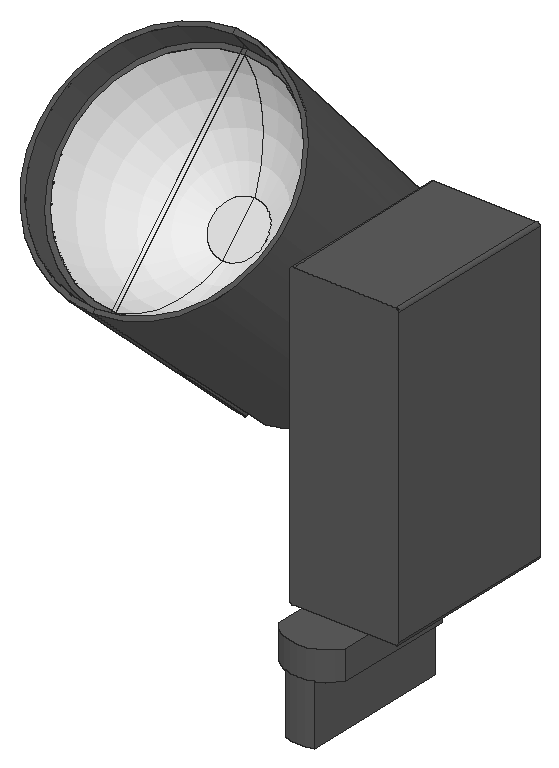
Revit family "0004856 Feilo Sylvania Lighting Fixture START TRACK SPOT L 55W 4K RA80 NB BLACK", category Lighting Fixtures, host Face, Revit 2017 (continued)
Definition of nested family "Start Track Spot Head"
  Types (96, lengths in mm): name | Wattage | built-in parameter 1150134 | Photometric Web File | Model | built-in parameter 1150105 | Lumens | built-in parameter 1150107 | built-in parameter 1150106 | HeadThickness_FEILO | HeadRibOffset_FEILO | HeadRibDepth_FEILO | HeadRibCutWidth_FEILO | HeadRibCutOffset_FEILO | HeadReflectorRadius_FEILO | HeadReflectorOffset_FEILO | HeadLEDRadius_FEILO | HeadHeight_FEILO | HeadDiffusorOffset_FEILO | HeadDiaOut_FEILO | HeadDiaIn_FEILO | HeadAxisFromTop_FEILO | Emit from Circle Diameter | built-in parameter 1150104 | Description | Apparent Load
    0004812 START TRACK SPOT S 14W 3K RA80 MB WHITE | 14 W | (empty or 0) | "0004812.ies" | "START TRACK SPOT S 14W 3K RA80 MB WHITE" | 120.32 (stored number, unit not read) | 1512 lm | 3000 (stored number, unit not read) | 1.2032 (stored number, unit not read) | 1.5 | 4.179 | 55.714 | 7.167 | 50.87 | 50.588 | 55.714 | 9.556 | 117 | 9.435 | 86 | 77.477 | 69.354 | 77.477 | 10.034 (stored number, unit not read) | "Integrated LED spotlight, Textured White - RAL9016, compact and minimalist design, ideal for retail applications, die-cast aluminium body, passive cooling heatsink. Beam angle: 36°, color temperature: 3000K , total system power: 14W, total fixture output: 1508 lm, LOR: 100%, colour rendering: Ra: 80 typical, LED Chromaticity: 3 step MacAdam ellipse, lifetime: >50000 hours at L70B50, energy class: A++, A+, A, IR/UV free light source without heat radiation, operating voltage: 220-240V / 50-60Hz, drive current: 350mA, electronic driver, non-dimmable, power factor: 0.92, electrical protection: Class II, Global Track 3 Phase adapter suitable for Global trac 3-circuit tracks, ingress protection rating: IP20, suitable for internal environment only, horizontal rotation: 355°, vertical tilt: 90°, dimensions: Ø86x140x200, weight: 0.940kg." | 14 VA
    0004811 START TRACK SPOT S 14W 3K RA80 NB WHITE | 14 W | (empty or 0) | "0004811.ies" | "START TRACK SPOT S 14W 3K RA80 NB WHITE" | 123.66 (stored number, unit not read) | 1554 lm | 3000 (stored number, unit not read) | 1.2366 (stored number, unit not read) | 1.5 | 4.179 | 55.714 | 7.167 | 50.87 | 50.588 | 55.714 | 9.556 | 117 | 9.435 | 86 | 77.477 | 69.354 | 77.477 | 10.312 (stored number, unit not read) | "Integrated LED spotlight, Textured White - RAL9016, compact and minimalist design, ideal for retail applications, die-cast aluminium body, passive cooling heatsink. Beam angle: 12°, color temperature: 3000K , total system power: 14W, total fixture output: 1551 lm, LOR: 100%, colour rendering: Ra: 80 typical, LED Chromaticity: 3 step MacAdam ellipse, lifetime: >50000 hours at L70B50, energy class: A++, A+, A, IR/UV free light source without heat radiation, operating voltage: 220-240V / 50-60Hz, drive current: 350mA, electronic driver, non-dimmable, power factor: 0.92, electrical protection: Class II, Global Track 3 Phase adapter suitable for Global trac 3-circuit tracks, ingress protection rating: IP20, suitable for internal environment only, horizontal rotation: 355°, vertical tilt: 90°, dimensions: Ø86x140x200, weight: 0.940kg." | 14 VA
  Reference planes
    plane 1 "Center (Front/Back)": y = 0
    plane 2: z = 0
    plane 3 "Center (Left/Right)": x = 0
    plane 4: x = 43
    plane 5: x = -43
    plane 6: x = -38.739
    plane 7: x = 38.739
    plane 8: z = 69.354
    plane 9: z = -47.646
    plane 10: x = -41.5
    plane 11: x = -37.239
    plane 12: z = -38.211
    plane 13: z = -35.211
    plane 14: z = 8.068
    plane 15: x = -9.556
    plane 16: x = -28.667
    plane 17: x = -19.111
    plane 18: x = -27.167
    plane 19: x = -17.611
    plane 20: x = -8.056
    plane 21: z = 13.64
    plane 22: x = -29.667
    plane 23: x = -26.167
    plane 24: x = -20.111
    plane 25: x = -16.611
    plane 26: x = -10.556
    plane 27: x = -7.056
    plane 28: x = -36.239
    plane 29: x = -40.5
    plane 30: z = 65.175
    plane 31: z = 60.997
    plane 32: z = 56.818
    plane 33: z = 18.484
    plane 34: y = -43
    plane 35: y = 43
    plane 36: y = 3.583
    plane 37: y = -3.583
    plane 38: y = -2.583
    plane 39: y = 2.583
    plane 40: y = 46
    plane 41: z = 13.5
    plane 42: z = -13.5
    plane 43: y = 39
    plane 44: x = 4.708
    plane 45: x = -2.458
    plane 46: x = -1.458
    plane 47: x = 1.458
  Forms (mm)
    Extrusion 1, solid
      sketch origin (4.2, 0, 0) x (1, 0, 0) y (0, 1, 0)
        loop
          line (-1219.2, 1219.2) -> (-1219.2, -1219.2) -> (1219.2, -1219.2) -> (1219.2, 1219.2) -> (-1219.2, 1219.2)
      from 0 to -68.017
    Revolve 2, solid, material <- "Material_1_FEILO", detail levels medium+fine
      sketch origin (0, 0, 0) x (1, 0, 0) y (0, 0, 1)
        loop
          line (-43, -47.646) -> (-41.5, -47.646) -> (-40.5, -35.211) -> (-38.739, -35.211)
          arc (-38.739, -35.211) -> (-30.16, -9.517) -> (-9.556, 8.068) r 50.588
          line (-9.556, 8.068) -> (0, 8.068) -> (0, 13.64) -> (-16.611, 13.64) -> (-17.611, 60.997) -> (-19.111, 60.997) -> (-20.111, 13.64) -> (-36.239, 13.64) -> (-37.239, 69.354) -> (-38.739, 69.354) -> (-43, -47.646)
        axis (0, 69.354) -> (0, -47.646)
      angle from 360 to 0
    Extrusion 3, void
      sketch origin (0, 0, 0) x (0, 1, 0) y (0, 0, 1)
        loop
          line (-3.583, 69.354) -> (-2.583, 18.484) -> (1.932, 18.484) -> (2.932, 69.354) -> (-3.583, 69.354)
      from 43 to -43
    Revolve 4, solid, material <- "Material_2_FEILO", detail levels medium+fine
      sketch origin (0, 0, 0) x (1, 0, 0) y (0, 0, 1)
        loop
          line (-41.5, -38.211) -> (0, -38.211) -> (0, -35.211) -> (-41.5, -35.211) -> (-41.5, -38.211)
        axis (0, -35.211) -> (0, -38.211)
      angle from 360 to 0
    Revolve 5, solid, material <- "Material_1_FEILO"
      sketch origin (0, 0, 0) x (0, 1, 0) y (0, 0, 1)
        loop
          line (46, 0) -> (39, 0) -> (39, -13.5) -> (46, -13.5) -> (46, 0)
        axis (39, 0) -> (46, 0)
      angle from 360 to 0
    Revolve 6, solid, material <- "Material_1_FEILO", detail levels medium+fine
      sketch origin (0, 0, 0) x (1, 0, 0) y (0, 0, 1)
        loop
          line (-29.667, 13.64) -> (-26.167, 13.64) -> (-27.167, 65.175) -> (-28.667, 65.175) -> (-29.667, 13.64)
        loop
          line (-10.556, 13.64) -> (-7.056, 13.64) -> (-7.833, 56.818) -> (-9.778, 56.818) -> (-10.556, 13.64)
        axis (0, 65.175) -> (0, 13.64)
      angle from 360 to 0
    Extrusion 7, void
      sketch origin (0, 0, 0) x (1, 0, 0) y (0, 0, 1)
        loop
          line (4.708, 69.354) -> (-2.458, 69.354) -> (-1.458, 13.64) -> (1.458, 13.64) -> (4.708, 69.354)
      from -43 to 43
    Revolve 8, solid, material <- "Material_1_FEILO", detail levels coarse
      sketch origin (0, 0, 0) x (1, 0, 0) y (0, 0, 1)
        loop
          line (0, 69.354) -> (-38.739, 69.354) -> (-43, -47.646) -> (-41.5, -47.646) -> (-40.731, -38.211) -> (0, -38.211) -> (0, 69.354)
        axis (0, 69.354) -> (0, -47.646)
      angle from 360 to 0
  Cuts and joins
    Extrusion 3 cuts Revolve 2
    Extrusion 7 cuts Revolve 6
  Dimensions and locks
    equal spacing: plane 7, plane 3 "Center (Left/Right)", plane 6
    equal spacing: plane 4, plane 3 "Center (Left/Right)", plane 5
    "HeadDiaOut_FEILO": plane 4 to plane 5
    "HeadDiaIn_FEILO": plane 7 to plane 6
    "HeadHeight_FEILO": plane 8 to plane 9
    "HeadThickness_FEILO": plane 10 to plane 5
    "HeadThickness_FEILO": plane 11 to plane 6
    "HeadDiffusorOffset_FEILO": plane 12 to plane 9
    "HeadDiffusorThickness_FEILO": plane 13 to plane 12
    "HeadReflectorOffset_FEILO": plane 14 to plane 9
    "HeadLEDRadius_FEILO": plane 3 "Center (Left/Right)" to plane 15
    "HeadLEDRadius_FEILO": plane 15 to plane 17
    "HeadLEDRadius_FEILO": plane 17 to plane 16
    "HeadThickness_FEILO": plane 18 to plane 16
    "HeadThickness_FEILO": plane 19 to plane 17
    "HeadThickness_FEILO": plane 20 to plane 15
    "HeadRibDepth_FEILO": plane 8 to plane 21
    "HeadDraft_FEILO": plane 16 to plane 22
    "HeadDraft_FEILO": plane 23 to plane 18
    "HeadDraft_FEILO": plane 17 to plane 24
    "HeadDraft_FEILO": plane 25 to plane 19
    "HeadDraft_FEILO": plane 15 to plane 26
    "HeadDraft_FEILO": plane 27 to plane 20
    "HeadDraft_FEILO": plane 29 to plane 10
    "HeadDraft_FEILO": plane 28 to plane 11
    "HeadRibOffset_FEILO": plane 8 to plane 30
    "HeadRibOffset_FEILO": plane 30 to plane 31
    "HeadRibOffset_FEILO": plane 31 to plane 32
    "HeadAxisFromTop_FEILO": plane 8 to plane 2
    "HeadRibCutOffset_FEILO": plane 8 to plane 33
    equal spacing: plane 34, plane 1 "Center (Front/Back)", plane 35
    "HeadDiaOut_FEILO": plane 34 to plane 35
    equal spacing: plane 38, plane 1 "Center (Front/Back)", plane 39
    equal spacing: plane 37, plane 1 "Center (Front/Back)", plane 36
    "HeadRibCutWidth_FEILO": plane 37 to plane 36
    "HeadDraft_FEILO": plane 37 to plane 38
    locked: plane 35 to plane 40 at 3
    equal spacing: plane 41, plane 2, plane 42
    locked: plane 42 to plane 41 at 27
    locked: plane 43 to plane 35 at 4
    equal spacing: plane 45, imposter light, plane 44
    "HeadDraft_FEILO": plane 46 to plane 45
    "HeadRibCutWidth_FEILO": plane 44 to plane 45
    equal spacing: plane 47, plane 3 "Center (Left/Right)", plane 46
    "HeadReflectorRadius_FEILO": radius of Revolve 2 sketch curve
    aligned and locked: plane 2 to Extrusion 1
    aligned and locked: level to Extrusion 1
    aligned and locked: Revolve 2 sketch curve to plane 3 "Center (Left/Right)"  (x2)
    aligned and locked: plane 9 to Revolve 2 sketch curve  (x2)
    aligned and locked: plane 5 to Revolve 2 sketch curve
    aligned and locked: plane 10 to Revolve 2 sketch curve
    aligned and locked: plane 14 to Revolve 2 sketch curve
    aligned and locked: plane 8 to Revolve 2 sketch curve
    aligned and locked: Revolve 2 sketch curve to plane 13
    aligned and locked: plane 12 to Revolve 4 sketch curve
    aligned and locked: plane 3 "Center (Left/Right)" to Revolve 4 sketch curve
    aligned and locked: Revolve 4 sketch curve to plane 10
    aligned and locked: Revolve 4 sketch curve to plane 3 "Center (Left/Right)"
    aligned and locked: plane 12 to imposter light
    aligned and locked: imposter light to plane 1 "Center (Front/Back)"
    aligned and locked: Revolve 5 sketch curve to plane 2
    aligned and locked: plane 43 to Revolve 5 sketch curve
    aligned and locked: plane 42 to Revolve 5 sketch curve
    aligned and locked: Revolve 6 sketch curve to plane 3 "Center (Left/Right)"
    aligned and locked: plane 22 to Revolve 6 sketch curve
    aligned and locked: plane 30 to Revolve 6 sketch curve
    aligned and locked: plane 23 to Revolve 6 sketch curve
    aligned and locked: Revolve 6 sketch curve to plane 21  (x2)
    aligned and locked: plane 21 to Revolve 6 sketch curve
    aligned and locked: plane 17 to Revolve 2 sketch curve
    aligned and locked: plane 19 to Revolve 2 sketch curve
    aligned and locked: plane 31 to Revolve 2 sketch curve
    aligned and locked: plane 21 to Revolve 2 sketch curve
    aligned and locked: Extrusion 3 to plane 8
    aligned and locked: plane 33 to Extrusion 3
    aligned and locked: plane 8 to Extrusion 3 sketch curve
    aligned and locked: Extrusion 3 sketch curve to plane 33
    aligned and locked: Extrusion 3 to plane 5
    aligned and locked: plane 4 to Extrusion 3
    aligned and locked: plane 32 to Revolve 6 sketch curve
    aligned and locked: plane 44 to Extrusion 7 sketch curve
    aligned and locked: Extrusion 7 sketch curve to plane 8
    aligned and locked: plane 46 to Extrusion 7 sketch curve
    aligned and locked: plane 21 to Extrusion 7 sketch curve
    aligned and locked: plane 34 to Extrusion 7
    aligned and locked: Extrusion 7 to plane 35
    aligned and locked: Revolve 4 sketch curve to plane 13
    aligned and locked: Revolve 5 sketch curve to plane 40
    aligned and locked: Revolve 8 sketch curve to plane 3 "Center (Left/Right)"
    aligned and locked: Revolve 8 sketch curve to cut or joined group of Revolve 2, Extrusion 3  (x3)
    aligned and locked: plane 5 to Revolve 8 sketch curve
    aligned and locked: plane 3 "Center (Left/Right)" to Revolve 8 sketch curve
    aligned and locked: plane 12 to Revolve 8 sketch curve
  Automatic sketch dimensions
    Extrusion 1 sketch curve to Extrusion 1 sketch curve = 2438.4 mm  (x2)
    Extrusion 3 sketch curve to plane 37 = 0 mm
    Extrusion 3 sketch curve to plane 38 = 0 mm
    plane 39 to Extrusion 3 sketch curve = 0.651 mm
    Extrusion 3 sketch curve to plane 39 = 0.349 mm
    Revolve 6 sketch curve to plane 16 = 0 mm
    Revolve 6 sketch curve to plane 18 = 0 mm
    Revolve 6 sketch curve to plane 26 = 0 mm
    Revolve 6 sketch curve to plane 27 = 0 mm
    Revolve 6 sketch curve to plane 15 = 0.222 mm
    plane 9 to Revolve 6 sketch curve = 559.103 mm
    Revolve 6 sketch curve to plane 8 = 2535.555 mm
    plane 20 to Revolve 6 sketch curve = 0.222 mm
    Revolve 2 sketch curve to plane 29 = 0 mm
    Revolve 2 sketch curve to plane 6 = 0 mm  (x2)
    Revolve 2 sketch curve to plane 11 = 0 mm
    Revolve 2 sketch curve to plane 21 = 0 mm
    Revolve 2 sketch curve to plane 28 = 0 mm
    Revolve 2 sketch curve to plane 24 = 0 mm
    Revolve 2 sketch curve to plane 25 = 0 mm
    Revolve 2 sketch curve to plane 15 = 0 mm
    Revolve 2 sketch curve to Revolve 2 sketch curve = 557.155 mm
    Revolve 2 sketch curve to plane 8 = 2535.558 mm
    Extrusion 7 sketch curve to plane 45 = 0 mm
    Extrusion 7 sketch curve to plane 47 = 0 mm
    plane 9 to Revolve 4 sketch curve = 559.103 mm
    Revolve 4 sketch curve to plane 8 = 2535.555 mm
    Revolve 5 sketch curve to level = 0 mm
    plane 34 to Revolve 5 sketch curve = 1968.092 mm
    Revolve 5 sketch curve to plane 40 = 1405.763 mm
    Revolve 8 sketch curve to plane 6 = 0 mm
    Revolve 8 sketch curve to plane 29 = 0.231 mm
    plane 9 to Revolve 8 sketch curve = 559.103 mm
    Revolve 8 sketch curve to Revolve 8 sketch curve = 2535.555 mm
Definition of nested family "Start Track Spot Box"
  Parameters (values of type "Type Large White")
    URL = "http://www.feilosylvania.com"
    Type Image = (empty or 0)
    Type Comments = "n/a"
    Small_FEILO = no
    Material_3_FEILO = none
    Model = ""
    Manufacturer = "Feilo Sylvania"
    Keynote = ""
    Material_2_FEILO = none
    Description = ""
    Default Elevation = 1219.2 mm
    Cost = 0
    Material_1_FEILO = none
    BoxWidth_FEILO = 49 mm
    BoxStartAngle_FEILO [instance] = 0.00°
    BoxRadius_FEILO = 1.5 mm
    BoxHeight_FEILO = if(Small_FEILO, 112 mm, 136 mm)  # 136 mm
    BoxEndAngle_FEILO [instance] = BoxStartAngle_FEILO - 180.00°  # -180.00°
    BoxDepth_FEILO = if(Small_FEILO, 71.5 mm, 79 mm)  # 79 mm
    BoxAxisVerticalOffset_FEILO = 16 mm
    BoxAxisOffset_FEILO = BoxHeight_FEILO / 6.8  # 20 mm
    Assembly Code = ""
    Material_4_FEILO = none
  Types (4, lengths in mm): name | Small_FEILO | BoxHeight_FEILO | BoxDepth_FEILO | BoxAxisOffset_FEILO
    Type Large White | no | 136 | 79 | 20
    Type Small White | yes | 112 | 71.5 | 16.471
    Type Small Black | yes | 112 | 71.5 | 16.471
    Type Large Black | no | 136 | 79 | 20
  Reference planes
    plane 1 "Center (Front/Back)": y = 0
    plane 2: z = 0
    plane 3 "Center (Left/Right)": x = 0
    plane 4: x = 24.5
    plane 5: x = -24.5
    plane 6: y = 68
    plane 7: y = -68
    plane 8: z = 39.5
    plane 9: z = -39.5
    plane 10: y = -48
    plane 11: x = 30.5
    plane 12: x = 8.5
    plane 13: x = 21.5
    plane 14: y = 70
    plane 15: y = 72
    plane 16: x = 19.5
  Forms (mm)
    Extrusion 1, solid
      sketch origin (4.2, 0, 0) x (1, 0, 0) y (0, 1, 0)
        loop
          line (-1219.2, 1219.2) -> (-1219.2, -1219.2) -> (1219.2, -1219.2) -> (1219.2, 1219.2) -> (-1219.2, 1219.2)
      from 0 to -68.017
    Extrusion 2, solid, material <- "Material_1_FEILO"
      sketch origin (0, 0, 0) x (1, 0, 0) y (0, 1, 0)
        loop
          arc (-23, 68) -> (-24.061, 67.561) -> (-24.5, 66.5) r 1.5
          line (-24.5, 66.5) -> (-24.5, -66.5)
          arc (-24.5, -66.5) -> (-24.061, -67.561) -> (-23, -68) r 1.5
          line (-23, -68) -> (23, -68)
          arc (23, -68) -> (24.061, -67.561) -> (24.5, -66.5) r 1.5
          line (24.5, -66.5) -> (24.5, 66.5)
          arc (24.5, 66.5) -> (24.061, 67.561) -> (23, 68) r 1.5
          line (23, 68) -> (-23, 68)
      from -39.5 to 39.5
    Revolve 3, solid, not visible
      sketch origin (0, 0, 0) x (1, 0, 0) y (0, 1, 0)
        loop
          line (30.5, -48) -> (24.5, -48) -> (24.5, -68) -> (30.5, -68) -> (30.5, -48)
        axis (30.5, -48) -> (24.5, -48)
      angle from 0 <- "BoxStartAngle_FEILO" to -180 <- "BoxEndAngle_FEILO"
    Revolve 4, solid, material <- "Material_2_FEILO"
      sketch origin (0, 0, 0) x (1, 0, 0) y (0, 1, 0)
        loop
          line (8.5, 68) -> (19.5, 68) -> (19.5, 70) -> (21.5, 70) -> (21.5, 72) -> (8.5, 72) -> (8.5, 68)
        axis (8.5, 72) -> (8.5, 68)
      angle from 360 to 0
  Dimensions and locks
    equal spacing: plane 5, plane 3 "Center (Left/Right)", plane 4
    "BoxWidth_FEILO": plane 5 to plane 4
    equal spacing: plane 7, plane 1 "Center (Front/Back)", plane 6
    "BoxHeight_FEILO": plane 7 to plane 6
    equal spacing: plane 8, plane 2, plane 9
    "BoxDepth_FEILO": plane 8 to plane 9
    "BoxAxisOffset_FEILO": plane 7 to plane 10
    locked: plane 4 to plane 11 at 6
    "BoxAxisVerticalOffset_FEILO": plane 12 to plane 4
    locked: plane 12 to plane 13 at 13
    plane 6 to plane 14 to plane 15 = 2 mm locked, 2 mm locked
    locked: plane 12 to plane 16 at 11
    "BoxRadius_FEILO": radius of Extrusion 2 sketch curve  (x4)
    aligned and locked: plane 2 to Extrusion 1
    aligned and locked: level to Extrusion 1
    aligned and locked: plane 6 to Extrusion 2 sketch curve
    aligned and locked: plane 5 to Extrusion 2 sketch curve
    aligned and locked: Extrusion 2 sketch curve to plane 7
    aligned and locked: Extrusion 2 sketch curve to plane 4
    aligned and locked: Extrusion 2 to plane 8
    aligned and locked: plane 9 to Extrusion 2
    aligned and locked: Revolve 3 sketch curve to plane 10  (x2)
    aligned and locked: plane 11 to Revolve 3 sketch curve
    aligned and locked: Revolve 3 sketch curve to plane 4
    aligned and locked: plane 7 to Revolve 3 sketch curve
    aligned and locked: Revolve 4 sketch curve to plane 12
    aligned and locked: plane 6 to Revolve 4 sketch curve
    aligned and locked: plane 12 to Revolve 4 sketch curve
    aligned and locked: plane 15 to Revolve 4 sketch curve
    aligned and locked: Revolve 4 sketch curve to plane 13
    aligned and locked: Revolve 4 sketch curve to plane 14
    aligned and locked: Revolve 4 sketch curve to plane 16
    aligned and locked: Revolve 4 sketch curve to plane 6
  Automatic sketch dimensions
    Extrusion 1 sketch curve to Extrusion 1 sketch curve = 2438.4 mm  (x2)
    Revolve 3 sketch curve to plane 5 = 1499.5 mm
    plane 11 to Revolve 3 sketch curve = 1493.5 mm
    plane 15 to Revolve 4 sketch curve = 0 mm
    plane 7 to Revolve 4 sketch curve = 1456 mm
    Revolve 4 sketch curve to plane 15 = 1452 mm
